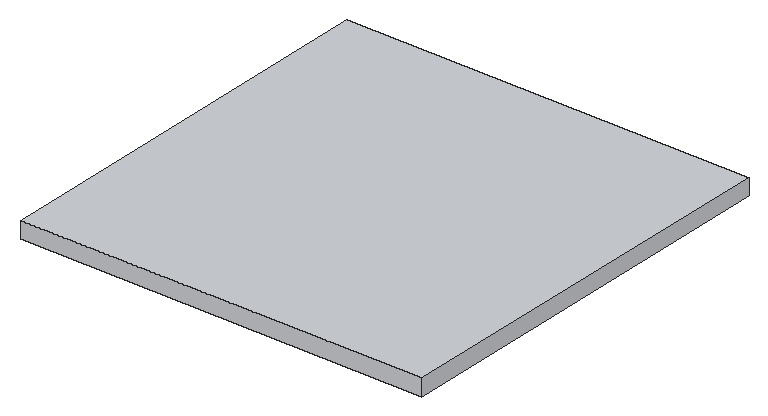
Revit family
Parameters (values of type "CV1806-1FS80(120V)")
  Wattage Comments = "80W"
  Wattage = 53.9957 W
  built-in parameter 1150110 = 1 (stored number, unit not read)
  Voltage = 120 V
  URL = "www.visalighting.com"
  built-in parameter 1150109 = 1 (stored number, unit not read)
  built-in parameter 1150134 = 3
  built-in parameter 1150113 = 1 (stored number, unit not read)
  Mounting Type-Location = "Wall / Ceiling"
  Model = "CV1806"
  Max Current = 0.76 A
  Manufacturer Description = "Raven"
  Manufacturer = "Visa Lighting"
  built-in parameter 1150105 = 397.89 (stored number, unit not read)
  Lumens per Lamp = 7000
  Lumens = Lamp Qty * Lumens per Lamp  # 7000 lm
  built-in parameter 1150115 = 1 (stored number, unit not read)
  Light Source Symbol Size = 0' - 2"
  built-in parameter 1150137 = (empty or 0)
  Light Loss Factor Comment = ".1"
  built-in parameter 1114217 = 1 (stored number, unit not read)
  built-in parameter 1150139 = (empty or 0)
  built-in parameter 1150112 = 1 (stored number, unit not read)
  Lamp Qty = 1
  built-in parameter 1150114 = 1 (stored number, unit not read)
  Lamp = "80W T5HO, Mini Bi-Pin"
  built-in parameter 1150132 = 2
  built-in parameter 1150102 = (empty or 0)
  built-in parameter 1150107 = 3200 (stored number, unit not read)
  built-in parameter 1150138 = (empty or 0)
  built-in parameter 1150106 = 3.9789 (stored number, unit not read)
  Emit from Line Length = 4' - 2"
  built-in parameter 1150104 = 8.6028 (stored number, unit not read)
  Dimming Lamp Color Temperature Shift = (empty or 0)
  Default Elevation = 6' - 0"
  Color Filter = 16777215
  built-in parameter 1140040 [instance] = 1
  Ballast Factor Comment = ".9"
  built-in parameter 1114218 = 1 (stored number, unit not read)
  built-in parameter 1150133 = 10 (stored number, unit not read)
  Assembly Code = ""
  Apparent Load = Max Current * Voltage  # 91.2 VA
Reference planes (in)
  plane 1 "Light Source Axis (F/B)": y = -0.76018
  plane 2: z = 0
  plane 3 "Light Source Axis (L/R)": x = 0
  plane 4 "Light Source Elevation": z = 0
  plane 5: x = 0
Forms (in)
  Extrusion 1, solid
    sketch origin (0, 0, 0) x (1, 0, 0) y (0, 1, 0)
      loop
        line (-48, 48) -> (-48, -49.64982) -> (48, -49.64982) -> (48, 48) -> (-48, 48)
    from 0 to -4
Dimensions and locks (in)
  locked: import instance to plane 5 at 0.99018
  aligned and locked: plane 2 to Extrusion 1
  aligned: level to Extrusion 1
  aligned: plane 1 "Light Source Axis (F/B)" to imposter light
  aligned: plane 3 "Light Source Axis (L/R)" to imposter light
  aligned and locked: plane 3 "Light Source Axis (L/R)" to imposter light
  aligned and locked: Extrusion 1 to import instance
  aligned and locked: plane 5 to plane 3 "Light Source Axis (L/R)"
Connectors (in)
  electrical at (0, -0.82491, 0), driven by "Apparent Load", driven by "Voltage", driven by "Apparent Load"
    settings: on Extrusion 1, index 1
